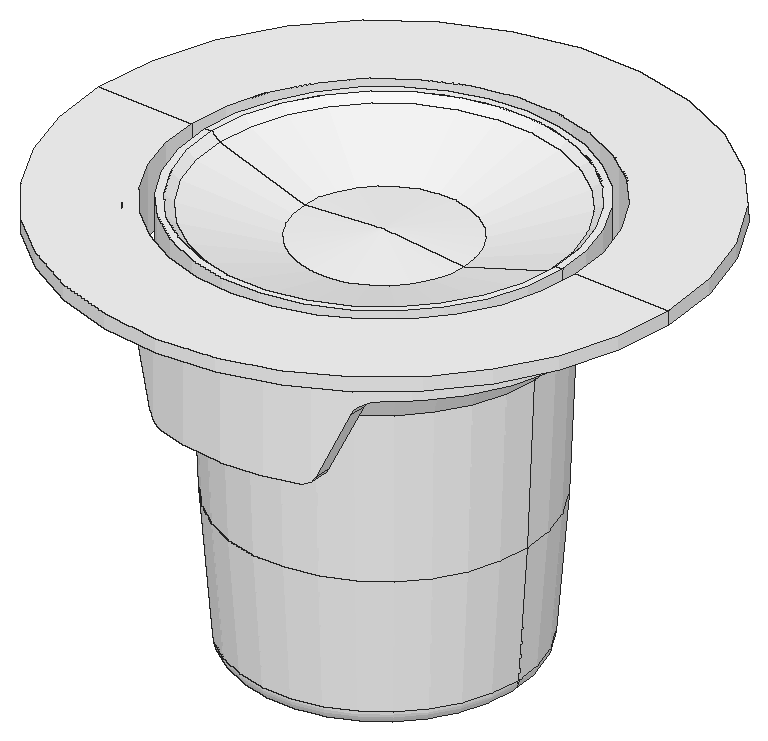
Revit family "5187", category Lighting Fixtures, host Face, Revit 2018
Family settings
  Host = Face
  Round Connector Dimension = Use Diameter
  Part Type = Normal
  OmniClass Number = 23.80.70.00
  OmniClass Title = Lighting
  Cut with Voids When Loaded = No
  Light Source = No
  Shared = No
  Room Calculation Point = No
Parameters (values of type "0005187 START SPOT ALU 870LM 3CCT DIM IP65 WHT")
  Weight = "n/a"
  Wattage Comments = ""
  WarrantyStartDate [instance] = "n/a"
  WarrantyGuarantorParts = "n/a"
  WarrantyDurationUnit = "n/a"
  WarrantyDurationParts = ""
  WarrantyDescription = "http://www.sylvania-lighting.com"
  Voltage = 230 V
  VisibilityTop_FEILO = yes
  URL = "0.9"
  TypeName = "START SPOT ALU 870LM 3CCT DIM IP65 WHT"
  TypeHead_FEILO = Start Spot IP20 Head : 0005184 START SPOT ALU 870LM 3CCT DIM IP44 WHT
  Type Image = <None>
  Type Comments = "n/a"
  TiltAngle_FEILO [instance] = 0.00°
  SerialNumber [instance] = "n/a"
  RadiusOptics_FEILO = 98.5 mm
  RadiusDiffuser_FEILO = 14 mm
  RadiusCutout_FEILO = 36 mm
  Material_3_FEILO = none
  PowerFactor = 0
  PowerConsumption = "Lighting"
  NominalLength = 86 mm
  NominalHeight = 60 mm
  NominalDepth = 86 mm
  Name = "START SPOT ALU 870LM 3CCT DIM IP65 WHT"
  ModelReference = Name  # "START SPOT ALU 870LM 3CCT DIM IP65 WHT"
  ModelNumber = "0005187"
  Model = Name  # "START SPOT ALU 870LM 3CCT DIM IP65 WHT"
  Material = "Feilo Sylvania"
  ManufacturerName = "100 lm/W"
  Manufacturer = ""
  LuminousEfficacy = ""
  LuminaireType = "0"
  LightOutputRatio = "LED"
  LampsType = Lamp  # "n/a"
  LampNominalLuminous = "3000 K"
  LampMacAdamStep = "80"
  LampColourTemperature = "LED"
  LampColourRenderingIndex = "16500"
  Lamp = "n/a"
  Keynote = "n/a"
  InstallationDate [instance] = "n/a"
  InputVoltage = "0"
  InputNominalFrequency = "3000"
  IngressProtection = "IfcLightFixtureType"
  ImpactProtectionIndex = "IfcLightFixtureType"
  IfcExportType = "IfcLightFixtureType"
  IfcExportAs = "Class II"
  HeightBezel_FEILO = 2 mm
  ExpectedLife = 50000
  EndAngle_FEILO [instance] = TiltAngle_FEILO + 180.00°  # 180.00°
  ElectricShockClassification = "100"
  DurationUnit = "hours"
  DocumentationLiterature = "http://www.sylvania-lighting.com/product/en-int/products/0005187"
  DimmingControlOptions = "n/a"
  Material_2_FEILO = LED-Sylvania-StartSpot
  DiameterBezel_FEILO = 86 mm
  Description = "Integrated LED recessed spotlight, white bezel colour, white reflector, 50° degree beam angle, polycarbonate and aluminium body, low profile 68.5mm recessed depth, IP65 from the front, IK03, loop-in/loop-out terminals for fast wiring,85mm bezel diameter, 68mm cutout, clear lens."
  DepthDiffuser_FEILO = 5 mm
  Default Elevation = 1219.2 mm
  CreatedOn = "18/09/2023"
  CreatedBy = "@sylvania-lighting.com"
  Cost = 0
  built-in parameter 1114216 [instance] = (empty or 0)
  ClassificationValue = "EF_70_80"
  ClassificationName = "Uniclass2015"
  Material_1_FEILO = Body-Sylvania-StartSpot-White
  BarCode [instance] = "n/a"
  AssetType = "Fixed"
  AssetIdentifier [instance] = "n/a"
  Assembly Code = "D5020200"
  Apparent Load = 8.7 VA
  Material_4_FEILO = none
Reference planes
  plane 1 "Center (Front/Back)": y = 0
  plane 2: z = 0
  plane 3 "Center (Left/Right)": x = 0
  plane 4: x = -43
  plane 5: x = 43
  plane 6: z = 2
  plane 7: z = -8
  plane 8: z = -10
  plane 9: z = -13.5
  plane 10: z = -36.5
  plane 11: z = -55
  plane 12: z = -67.625
  plane 13: x = -19
  plane 14: x = -21.5
  plane 15: x = -24
  plane 16: x = -26
  plane 17: x = -31
  plane 18: x = -17
  plane 19: z = -20
  plane 20: z = -3
  plane 21: x = -14
  plane 22: x = -29
  plane 23: x = -23
  plane 24: x = -27.2
  plane 25: x = -26
  plane 26: z = 1
  plane 27: z = -2
  plane 28: x = -12
  plane 29: y = 43
  plane 30: y = 43
  plane 31: y = -43
  plane 32: x = 31
  plane 33: x = 12
  plane 34: x = 17
  plane 35: z = -7
  plane 36: x = -36
  plane 37: x = -28.2
Forms (mm)
  Revolve 1, solid, material "Body-Sylvania-StartSpot-White" <- "Material_1_FEILO"
    sketch origin (0, 0, 0) x (1, 0, 0) y (0, 0, 1)
      loop
        line (-29, 2) -> (-43, 2) -> (-43, 0) -> (-31, 0) -> (-31, -20) -> (-29, -20) -> (-29, 2)
      axis (0, 2) -> (0, -20)
    angle from 360 to 0
  Extrusion 2, void
    sketch origin (0, 0, 0) x (1, 0, 0) y (0, 0, 1)
      loop
        line (-31, -8) -> (-31, -20) -> (-10.333, -20)
        arc (-10.333, -20) -> (-11.72, -19.58) -> (-12.641, -18.462) r 2.5
        line (-12.641, -18.462) -> (-16.231, -9.846)
        arc (-16.231, -9.846) -> (-17.336, -8.504) -> (-19, -8) r 3
        line (-19, -8) -> (-31, -8)
      loop
        line (31, -8) -> (19, -8)
        arc (19, -8) -> (17.336, -8.504) -> (16.231, -9.846) r 3
        line (16.231, -9.846) -> (12.513, -18.769)
        arc (12.513, -18.769) -> (11.776, -19.664) -> (10.667, -20) r 2
        line (10.667, -20) -> (31, -20) -> (31, -8)
    from -43 to 43
  Revolve 3, void
    sketch origin (0, 0, 0) x (1, 0, 0) y (0, 0, 1)
      loop
        line (-36, 0) -> (-36, -67.625) -> (0, -67.625) -> (0, 0) -> (-36, 0)
      axis (0, 0) -> (0, -67.625)
    angle from 360 to 0
  Revolve 4, solid, not visible
    sketch origin (0, 0, 0) x (0, 1, 0) y (0, 0, 1)
      loop
        line (0, -13.5) -> (-12.534, -13.5) -> (-12.534, -17.399) -> (0, -17.399) -> (0, -13.5)
      axis (0, -13.5) -> (-12.534, -13.5)
    angle from 0 <- "TiltAngle_FEILO" to 180 <- "EndAngle_FEILO"
Cuts and joins
  Extrusion 2 cuts Revolve 1
Lines and regions (mm)
  reference lines
    curve 1: line (-17, 0, -8) -> (-12, 0, -20)
    curve 2: line (17, 0, -8) -> (12, 0, -20)
Dimensions and locks
  equal spacing: plane 5, plane 3 "Center (Left/Right)", plane 4
  "DiameterBezel_FEILO": plane 5 to plane 4
  "HeightBezel_FEILO": plane 6 to plane 2
  plane 3 "Center (Left/Right)" to plane 13 to plane 14 to plane 15 to plane 16 to plane 17 to plane 4 = 19 mm, 2.5 mm, 2.5 mm, 2 mm, 5 mm, 12 mm
  plane 2 to plane 7 to plane 8 to plane 9 to plane 19 to plane 10 to plane 11 to plane 12 = 8 mm locked, 2 mm locked, 3.5 mm locked, 6.5 mm locked, 16.5 mm locked, 18.5 mm locked, 12.625 mm locked
  "DepthDiffuser_FEILO": plane 6 to plane 20
  "RadiusDiffuser_FEILO": plane 3 "Center (Left/Right)" to plane 21
  locked: plane 22 to plane 17 at 2
  locked: plane 23 to plane 15 at 1
  locked: plane 25 to plane 24 at 1.2
  locked: plane 6 to plane 26 at 1
  locked: plane 27 to plane 20 at 1
  locked: plane 3 "Center (Left/Right)" to plane 28 at 12
  equal spacing: plane 31, plane 1 "Center (Front/Back)", plane 30
  "DiameterBezel_FEILO": plane 31 to plane 30
  locked: plane 32 to plane 3 "Center (Left/Right)" at 31
  locked: plane 33 to plane 3 "Center (Left/Right)" at 12
  locked: plane 34 to plane 3 "Center (Left/Right)" at 17
  locked: plane 6 to plane 35 at 9
  "RadiusCutout_FEILO": plane 3 "Center (Left/Right)" to plane 36
  locked: plane 24 to plane 37 at 1
  aligned and locked: plane 2 to host face
  aligned and locked: level to host face
  aligned and locked: Revolve 1 sketch curve to plane 3 "Center (Left/Right)"
  aligned and locked: Revolve 1 sketch curve to plane 17
  aligned and locked: plane 7 to curve 1
  aligned and locked: plane 18 to curve 1
  aligned and locked: plane 28 to curve 1
  aligned and locked: plane 19 to curve 1
  aligned and locked: plane 7 to Extrusion 2 sketch curve  (x2)
  aligned and locked: curve 1 to Extrusion 2 sketch curve
  aligned and locked: Extrusion 2 sketch curve to Revolve 1
  aligned and locked: plane 7 to curve 2
  aligned and locked: plane 19 to curve 2
  aligned and locked: Extrusion 2 sketch curve to plane 32
  aligned and locked: Extrusion 2 sketch curve to curve 2
  aligned and locked: plane 19 to Extrusion 2 sketch curve
  aligned and locked: Extrusion 2 sketch curve to plane 19
  aligned and locked: Revolve 3 sketch curve to level
  aligned and locked: Revolve 3 sketch curve to plane 3 "Center (Left/Right)"  (x2)
  aligned and locked: plane 36 to Revolve 3 sketch curve
  aligned and locked: plane 25 to plane 16
  aligned and locked: Revolve 1 sketch curve to plane 6
  aligned and locked: Revolve 1 sketch curve to plane 22
  aligned and locked: Revolve 4 sketch curve to plane 9  (x2)
  aligned and locked: Revolve 4 sketch curve to plane 1 "Center (Front/Back)"
  aligned and locked: Revolve 3 sketch curve to plane 12
  aligned and locked: nested 2 to plane 1 "Center (Front/Back)"
Automatic sketch dimensions
  host sketch curve to host sketch curve = 2438.4 mm  (x2)
  curve 2 to plane 33 = 0 mm
  curve 2 to plane 34 = 0 mm
  Extrusion 2 sketch curve to plane 13 = 0 mm
  Extrusion 2 sketch curve to plane 8 = 0.154 mm  (x2)
  Extrusion 2 sketch curve to plane 28 = 0.641 mm
  plane 28 to Extrusion 2 sketch curve = 1.667 mm
  Extrusion 2 sketch curve to plane 33 = 1.333 mm
  plane 33 to Extrusion 2 sketch curve = 0.513 mm
  plane 34 to Extrusion 2 sketch curve = 2 mm
  Revolve 1 sketch curve to plane 4 = 0 mm
  Revolve 1 sketch curve to plane 19 = 0 mm
  Revolve 1 sketch curve to level = 0 mm
  plane 12 to Revolve 1 sketch curve = 551.6 mm
  Revolve 1 sketch curve to plane 6 = 2606.058 mm
  Revolve 4 sketch curve to plane 19 = 2.601 mm
  plane 1 "Center (Front/Back)" to Revolve 4 sketch curve = 12.534 mm
  plane 31 to Revolve 4 sketch curve = 2511.941 mm
  Revolve 4 sketch curve to plane 29 = 2054.409 mm
  plane 12 to Revolve 3 sketch curve = 551.6 mm
  Revolve 3 sketch curve to plane 6 = 2607.058 mm
Nested families
  nested 1: "Start Spot tilt connector" at (0, -6.841, -11.913) x (0, 0, 1) z (1, 0, 0), type "Type Name"
  nested 2: "Start Spot IP20 Head" at (0, 0, -0.013) x (-1, 0, 0) z (0, 0, 1), type <- "TypeHead_FEILO", type "0005184 START SPOT ALU 870LM 3CCT DIM IP44 WHT"
    with built-in parameter 1114216 (empty or 0), Apparent Load 8.7 VA
Connectors
  electrical at (0, 0, 0), driven by "Apparent Load", driven by "PowerFactor", driven by "Voltage"
    settings: index 1, voltage 230 V, apparent load 8.7 VA, apparent load phase1 0 VA, apparent load phase2 0 VA, apparent load phase3 0 VA, power factor 0, load classification "Lighting", number of poles 1, system type 30, power factor state 1, is connector primary yes, connector utility no, sub classification motor no, connector description ""
Definition of nested family "Start Spot IP20 Head"
  Parameters (values of type "0053578 START SPOT LED IP20 4000K 3PK")
    Wattage Comments = ""
    Wattage = 5 W
    built-in parameter 1150110 = 1 (stored number, unit not read)
    VisibilityTop_FEILO = yes
    URL = "http://www.sylvania-lighting.com"
    Type Image = (empty or 0)
    Type Comments = "n/a"
    built-in parameter 1114217 = 1 (stored number, unit not read)
    Tilt Angle = -90.00°
    built-in parameter 1150109 = 1 (stored number, unit not read)
    built-in parameter 1150134 = 12
    built-in parameter 1150113 = 1 (stored number, unit not read)
    RadiusOptics_FEILO = 98.5 mm
    RadiusFilletTop_FEILO = 2.509 mm
    RadiusDiffuser_FEILO = 14 mm
    RadiusCutout_FEILO = 36 mm
    Photometric Web File = "0053544.ies"
    Material_3_FEILO = none
    Model = "START SPOT LED IP20 4000K 3PK"
    Manufacturer = "Feilo Sylvania"
    LuminousEfficacy = "84 lm/W"
    built-in parameter 1150105 = 732.03 (stored number, unit not read)
    Lumens = 420 lm
    built-in parameter 1150115 = 1 (stored number, unit not read)
    LightOutputRatio = "100"
    built-in parameter 1150137 = (empty or 0)
    built-in parameter 1150139 = (empty or 0)
    LampNominalLuminous = "420 lm"
    LampMacAdamStep = "n/a"
    LampColourTemperature = "4000 K"
    LampColourRenderingIndex = "80"
    built-in parameter 1150112 = 1 (stored number, unit not read)
    built-in parameter 1150114 = 1 (stored number, unit not read)
    Lamp = "LED"
    Keynote = "16500"
    built-in parameter 1150132 = (empty or 0)
    built-in parameter 1150102 = (empty or 0)
    built-in parameter 1150107 = 4000 (stored number, unit not read)
    built-in parameter 1150138 = (empty or 0)
    built-in parameter 1150106 = 7.3203 (stored number, unit not read)
    HeightBezel_FEILO = 2 mm
    Emit from Circle Diameter = 24 mm
    Emit Shape Visible in Rendering = no
    built-in parameter 1150104 = 7.8039 (stored number, unit not read)
    Material_2_FEILO = none
    Dimming Lamp Color Temperature Shift = (empty or 0)
    DiameterBezel_FEILO = 86 mm
    Description = "Integrated LED IP20 adjustable downlight, RAL9016, 430LM, 5W, 4000K, 30 degree tilt, 38 degree beam angle, polycarbonate white body, low profile 41mm recessed depth, 86mm bezel diameter, 68-74mm cutout, clear lens."
    DepthDiffuser_FEILO = 5 mm
    Default Elevation = 1219.2 mm
    Cost = 0
    Color Filter = 16777215
    built-in parameter 1114216 [instance] = (empty or 0)
    Material_1_FEILO = none
    built-in parameter 1114218 = 1 (stored number, unit not read)
    built-in parameter 1150133 = 10 (stored number, unit not read)
    Assembly Code = "D5020200"
    Apparent Load = 5 VA
    Material_4_FEILO = none
  Types (7, lengths in mm): name | Wattage | VisibilityTop_FEILO | built-in parameter 1150134 | Photometric Web File | Model | LuminousEfficacy | built-in parameter 1150105 | Lumens | LightOutputRatio | LampNominalLuminous | LampColourTemperature | built-in parameter 1150107 | built-in parameter 1150106 | built-in parameter 1150104 | Description | Apparent Load
    0053578 START SPOT LED IP20 4000K 3PK | 5 W | yes | 12 | "0053544.ies" | "START SPOT LED IP20 4000K 3PK" | "84 lm/W" | 732.03 (stored number, unit not read) | 420 lm | "100" | "420 lm" | "4000 K" | 4000 (stored number, unit not read) | 7.3203 (stored number, unit not read) | 7.8039 (stored number, unit not read) | "Integrated LED IP20 adjustable downlight, RAL9016, 430LM, 5W, 4000K, 30 degree tilt, 38 degree beam angle, polycarbonate white body, low profile 41mm recessed depth, 86mm bezel diameter, 68-74mm cutout, clear lens." | 5 VA
    0053543 START SPOT LED IP20 3000K | 5 W | yes | (empty or 0) | "0053543.ies" | "START SPOT LED IP20 3000K" | "80 lm/W" | 560.2 (stored number, unit not read) | 400 lm | "100" | "400 lm" | "3000 K" | 3000 (stored number, unit not read) | 5.602 (stored number, unit not read) | 7.4322 (stored number, unit not read) | "Integrated LED IP20 adjustable downlight, RAL9016, 400LM, 5W, 3000K, 30 degree tilt, 38 degree beam angle, polycarbonate white body, low profile 41mm recessed depth, 86mm bezel diameter, 68-74mm cutout, clear lens." | 5 VA
    0053544 START SPOT LED IP20 4000K | 5 W | yes | 12 | "0053544.ies" | "START SPOT LED IP20 4000K" | "84 lm/W" | 732.03 (stored number, unit not read) | 420 lm | "100" | "420 lm" | "4000 K" | 4000 (stored number, unit not read) | 7.3203 (stored number, unit not read) | 7.8039 (stored number, unit not read) | "Integrated LED IP20 adjustable downlight, RAL9016, 430LM, 5W, 4000K, 30 degree tilt, 38 degree beam angle, polycarbonate white body, low profile 41mm recessed depth, 86mm bezel diameter, 68-74mm cutout, clear lens." | 5 VA
    0053547 START SPOT LED IP20 6500K | 5 W | no | 1 | "0053547.ies" | "START SPOT LED IP20 6500K" | "84 lm/W" | 866.26 (stored number, unit not read) | 420 lm | "n/a" | "420 lm" | "6500 K" | 6500 (stored number, unit not read) | 8.6626 (stored number, unit not read) | 7.8039 (stored number, unit not read) | "Integrated LED IP20 adjustable downlight, RAL9016, 430LM, 5W, 6500K, 30 degree tilt, 38 degree beam angle, polycarbonate white body, low profile 41mm recessed depth, 86mm bezel diameter, 65-74mm cutout, clear lens" | 5 VA
    0053583 START SPOT LED DIM IP20 3000K | 5.5 W | no | (empty or 0) | "0053583.ies" | "START SPOT LED DIM IP20 3000K" | "73 lm/W" | 853.53 (stored number, unit not read) | 401.5 lm | "n/a" | "400 lm" | "3000 K" | 3000 (stored number, unit not read) | 8.5353 (stored number, unit not read) | 6.7819 (stored number, unit not read) | "Integrated dimmable LED IP20 adjustable downlight, RAL9016, 400LM, 5.5W, 3000K, 30 degree tilt, 38 degree beam angle, polycarbonate white body, low profile 41mm recessed depth, 86mm bezel diameter, 65-74mm cutout, clear lens" | 5.5 VA
    0053584 START SPOT LED DIM IP20 4000K | 5.5 W | no | 12 | "0053584.ies" | "START SPOT LED DIM IP20 4000K" | "76 lm/W" | 855.36 (stored number, unit not read) | 418 lm | "n/a" | "420 lm" | "4000 K" | 4000 (stored number, unit not read) | 8.5536 (stored number, unit not read) | 7.0606 (stored number, unit not read) | "Integrated dimmable LED IP20 adjustable downlight, RAL9016, 430LM, 5.5W, 4000K, 30 degree tilt, 38 degree beam angle, polycarbonate white body, low profile 41mm recessed depth, 86mm bezel diameter, 65-74mm cutout, clear lens" | 5.5 VA
    0053585 START SPOT LED DIM IP20 6500K | 5.5 W | no | 1 | "0053585.ies" | "START SPOT LED DIM IP20 6500K" | "76 lm/W" | 871.62 (stored number, unit not read) | 418 lm | "n/a" | "420 lm" | "6500 K" | 6500 (stored number, unit not read) | 8.7162 (stored number, unit not read) | 7.0606 (stored number, unit not read) | "Integrated dimmable LED IP20 adjustable downlight, RAL9016, 430LM, 5.5W, 6500K, 30 degree tilt, 38 degree beam angle, polycarbonate white body, low profile 41mm recessed depth, 86mm bezel diameter, 65-74mm cutout, clear lens" | 5.5 VA
  Reference planes
    plane 1 "Center (Front/Back)": y = 0
    plane 2: z = 0
    plane 3 "Center (Left/Right)": x = 0
    plane 4: z = 2
    plane 5: z = -9
    plane 6: z = -11
    plane 7: z = -14.5
    plane 8: z = -37.5
    plane 9: z = -56
    plane 10: z = -58
    plane 11: x = -19
    plane 12: x = -20.3
    plane 13: x = -22.8
    plane 14: x = -24.8
    plane 15: z = -21
    plane 16: z = -3
    plane 17: x = -21.8
    plane 18: x = -26
    plane 19: x = -24.8
    plane 20: z = 1
    plane 21: z = -2
    plane 22: x = -12
    plane 23: y = 43
    plane 24: y = 43
    plane 25: y = -43
    plane 26: z = -7
    plane 27: x = -27
  Forms (mm)
    Extrusion 1, solid
      sketch origin (4.2, 0, 0) x (1, 0, 0) y (0, 1, 0)
        loop
          line (-1219.2, 1219.2) -> (-1219.2, -1219.2) -> (1219.2, -1219.2) -> (1219.2, 1219.2) -> (-1219.2, 1219.2)
      from 0 to -68.017
    Revolve 2, solid, material <- "Material_1_FEILO"
      sketch origin (0, 0, 0) x (1, 0, 0) y (0, 0, 1)
        loop
          line (-24.8, -7) -> (-24.8, -11) -> (-22.8, -14.5) -> (-21.8, -37.5) -> (0, -37.5) -> (0, -2)
          arc (0, -2) -> (-6.021, -2.25) -> (-12, -3) r 72.5
          line (-12, -3) -> (-24.8, 1) -> (-26, 2) -> (-27, 2) -> (-27, -7) -> (-24.8, -7)
        axis (0, 2) -> (0, -37.5)
      angle from 360 to 0
    Revolve 3, solid, material <- "Material_1_FEILO", visible <- "VisibilityTop_FEILO"
      sketch origin (0, 0, 0) x (1, 0, 0) y (0, 0, 1)
        loop
          line (0, -37.5) -> (-21.8, -37.5) -> (-20.3, -56)
          arc (-20.3, -56) -> (-19.903, -57.164) -> (-19, -58) r 2.509
          line (-19, -58) -> (0, -58) -> (0, -37.5)
        axis (0, -37.5) -> (0, -58)
      angle from 360 to 0
  Dimensions and locks
    "HeightBezel_FEILO": plane 4 to plane 2
    plane 2 to plane 5 to plane 6 to plane 7 to plane 15 to plane 8 to plane 9 to plane 10 = 9 mm locked, 2 mm locked, 3.5 mm locked, 6.5 mm locked, 16.5 mm locked, 18.5 mm locked, 2 mm locked
    "DepthDiffuser_FEILO": plane 4 to plane 16
    locked: plane 4 to plane 20 at 1
    locked: plane 21 to plane 16 at 1
    equal spacing: plane 25, plane 1 "Center (Front/Back)", plane 24
    "DiameterBezel_FEILO": plane 25 to plane 24
    locked: plane 4 to plane 26 at 9
    locked: plane 3 "Center (Left/Right)" to plane 27 at 27
    plane 11 to plane 12 to plane 17 to plane 13 to plane 19 to plane 18 to plane 27 = 1.3 mm, 1.5 mm locked, 1 mm locked, 2 mm locked, 1.2 mm locked, 1 mm locked
    locked: plane 3 "Center (Left/Right)" to plane 22 at 12
    locked: Revolve 3 sketch curve to plane 10 at 2.203
    locked: plane 3 "Center (Left/Right)" to Revolve 3 sketch curve at 17.8
    "RadiusFilletTop_FEILO": radius of Revolve 3 sketch curve
    aligned and locked: plane 2 to Extrusion 1
    aligned and locked: level to Extrusion 1
    aligned and locked: Revolve 2 sketch curve to plane 3 "Center (Left/Right)"
    aligned and locked: plane 6 to Revolve 2 sketch curve
    aligned and locked: Revolve 2 sketch curve to plane 14
    aligned and locked: plane 7 to Revolve 2 sketch curve
    aligned and locked: plane 17 to Revolve 2 sketch curve
    aligned and locked: plane 8 to Revolve 2 sketch curve
    aligned and locked: plane 3 "Center (Left/Right)" to Revolve 2 sketch curve  (x2)
    aligned and locked: Revolve 3 sketch curve to plane 3 "Center (Left/Right)"
    aligned and locked: plane 3 "Center (Left/Right)" to Revolve 3 sketch curve  (x2)
    aligned and locked: Revolve 3 sketch curve to Revolve 2  (x2)
    aligned and locked: plane 12 to Revolve 3 sketch curve
    aligned and locked: plane 11 to Revolve 3 sketch curve
    aligned and locked: plane 19 to plane 14
    aligned and locked: plane 14 to Revolve 2 sketch curve
    aligned and locked: plane 18 to Revolve 2 sketch curve
    aligned and locked: Revolve 2 sketch curve to plane 4
    aligned and locked: Revolve 2 sketch curve to plane 27
    aligned and locked: plane 26 to Revolve 2 sketch curve
    aligned and locked: plane 3 "Center (Left/Right)" to imposter light
    aligned and locked: imposter light to plane 21
    aligned and locked: plane 21 to Revolve 2 sketch curve
    aligned and locked: plane 22 to Revolve 2 sketch curve
    aligned and locked: plane 16 to Revolve 2 sketch curve
  Automatic sketch dimensions
    Extrusion 1 sketch curve to Extrusion 1 sketch curve = 2438.4 mm  (x2)
    Revolve 2 sketch curve to plane 13 = 0 mm
    Revolve 2 sketch curve to plane 20 = 0 mm
    Revolve 2 sketch curve to Revolve 2 sketch curve = 535.1 mm
    Revolve 2 sketch curve to plane 4 = 2607.058 mm
    plane 10 to Revolve 3 sketch curve = 551.6 mm
    Revolve 3 sketch curve to plane 4 = 2607.058 mm
  Connectors
    electrical at (0, 0, 0), driven by "Apparent Load"
      settings: index 1, voltage 0 V, apparent load 5 VA, apparent load phase1 0 VA, apparent load phase2 0 VA, apparent load phase3 0 VA, power factor 0, load classification none, number of poles 1, system type 30, power factor state 1, is connector primary yes, connector utility no, sub classification motor no, connector description ""
Definition of nested family "Start Spot tilt connector"
  Parameters (values of type "Type Name")
    URL = "http://www.feilosylvania.com"
    Type Image = (empty or 0)
    Type Comments = "n/a"
    Material_3_FEILO = none
    Model = ""
    Manufacturer = "Feilo Sylvania"
    Keynote = ""
    Material_2_FEILO = none
    Description = ""
    Default Elevation = 1219.2 mm
    Cost = 0
    Material_1_FEILO = none
    Assembly Code = ""
    Material_4_FEILO = none
  Reference planes
    plane 1 "Center (Front/Back)": y = 0
    plane 2: z = 0
    plane 3 "Center (Left/Right)": x = 0
    plane 4: x = 11.9
    plane 5: z = 2
    plane 6: x = 13.9
    plane 7: z = 4.937
    plane 8: y = -3
    plane 9: y = 3
  Forms (mm)
    Extrusion 1, solid
      sketch origin (4.2, 0, 0) x (1, 0, 0) y (0, 1, 0)
        loop
          line (-1219.2, 1219.2) -> (-1219.2, -1219.2) -> (1219.2, -1219.2) -> (1219.2, 1219.2) -> (-1219.2, 1219.2)
      from 0 to -68.017
    Extrusion 2, solid, not visible
      sketch origin (0, 0, 0) x (1, 0, 0) y (0, 0, 1)
        loop
          line (0, 0) -> (13.9, 0) -> (13.9, 4.937) -> (11.9, 4.937) -> (11.9, 2) -> (0, 2) -> (0, 0)
      from -3 to 3
  Dimensions and locks
    locked: plane 4 to plane 3 "Center (Left/Right)" at 11.9
    locked: plane 5 to plane 2 at 2
    locked: plane 6 to plane 4 at 2
    locked: plane 7 to plane 5 at 2.938
    plane 8 to plane 1 "Center (Front/Back)" to plane 9 = 3 mm locked, 3 mm locked
    aligned and locked: plane 2 to Extrusion 1
    aligned and locked: level to Extrusion 1
    aligned and locked: Extrusion 2 sketch curve to plane 4
    aligned and locked: plane 6 to Extrusion 2 sketch curve
    aligned and locked: Extrusion 2 sketch curve to plane 5
    aligned and locked: Extrusion 2 to plane 7
    aligned and locked: Extrusion 2 to plane 4
    aligned and locked: plane 8 to Extrusion 2
    aligned and locked: Extrusion 2 to plane 9
